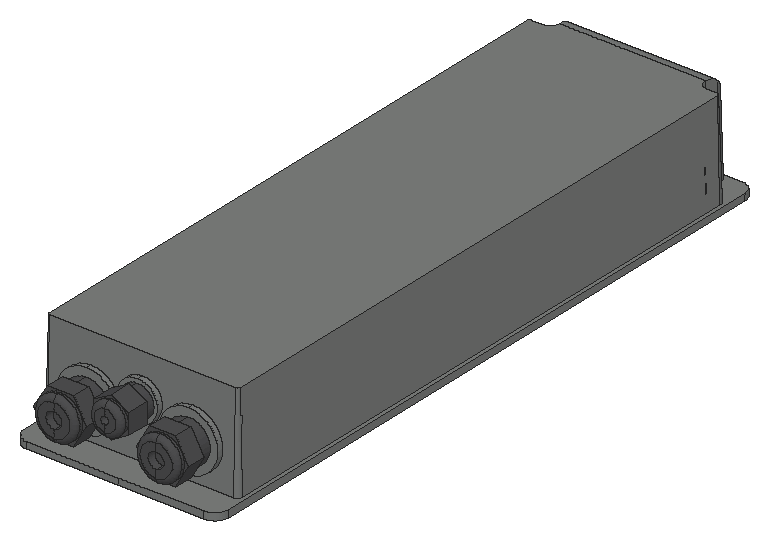
Revit family "Thorn ALTIS GEN5 Gearbox-Performance-class C5 with NTC", category Electrical Fixtures, host Face, Revit 2023
Family settings
  Host = Face
  Round Connector Dimension = Use Diameter
  Part Type = Normal
  Cut with Voids When Loaded = Yes
  Maintain Annotation Orientation = No
  Shared = Yes
  Room Calculation Point = Yes
Parameters (values of type "ALG5 GB LE 1400W 0.85A 550V 2CH DA")
  Wattage = 1400 W
  URL = "https://www.thornlighting.com/96800000"
  Type Image = TLG_ALG5_F_GB_LE_2100W.jpg
  Type IFC Predefined Type = "DIRECTIONSOURCE"
  Power Factor = 1
  Model = "96800000"
  Material Housing = Thorn-Aluminium-RAL 7043-Traffic Grey B
  Manufacturer = "Thorn Lighting"  # constant formula
  Luminaire Width = 152 mm  # constant formula
  Luminaire Length = 500 mm  # constant formula
  Luminaire Height = 77 mm  # constant formula
  Lamp = "LED"  # constant formula
  Export Type to IFC As = "IfcLightFixtureType"
  Description = "LED Control Gear"  # constant formula
  Default Elevation = 0 mm  # constant formula
  Assembly Code = "Pr_60_70_48_54"
  Apparent Load = Wattage / Power Factor  # 1400 VA
Types (8, lengths in mm): name | URL | Model
  ALG5 GB LE 1400W 0.85A 550V 2CH DA | "https://www.thornlighting.com/96800000" | "96800000"
  ALG5 GB LE 1400W 0.85A 550V 2CH RDMX | "https://www.thornlighting.com/96800004" | "96800004"
  ALG5 GB LE 1400W 1.05A 550V 2CH DA | "https://www.thornlighting.com/96800001" | "96800001"
  ALG5 GB LE 1400W 1.05A 550V 2CH RDMX | "https://www.thornlighting.com/96800005" | "96800005"
  ALG5 GB LE 1400W 1.25A 550V 2CH DA | "https://www.thornlighting.com/96637256" | "96637256"
  ALG5 GB LE 1400W 1.25A 550V 2CH DMX | "https://www.thornlighting.com/96637259" | "96637259"
  ALG5 GB LE 1400W 1.4A 550V 2CH DA | "https://www.thornlighting.com/96800003" | "96800003"
  ALG5 GB LE 1400W 1.4A 550V 2CH RDMX | "https://www.thornlighting.com/96800007" | "96800007"
Reference planes
  plane 1 "Center (Front/Back)": y = 0
  plane 2: z = 0
  plane 3 "Center (Left/Right)": x = 0
  plane 4: x = -76
  plane 5: x = 76
  plane 6: y = 250
  plane 7: y = -250
  plane 8: z = 77
  plane 9: x = -38
  plane 10: y = -226.5
Forms (mm)
  Extrusion 1, solid, material "Thorn-Aluminium-RAL 7043-Traffic Grey B" <- "Material Housing"
    sketch origin (0, 0, 0) x (1, 0, 0) y (0, 1, 0)
      loop
        arc (-66, 250) -> (-73.071, 247.071) -> (-76, 240) r 10
        line (-76, 240) -> (-76, -240)
        arc (-76, -240) -> (-73.071, -247.071) -> (-66, -250) r 10
        line (-66, -250) -> (1.871, -250) -> (66, -250)
        arc (66, -250) -> (73.071, -247.071) -> (76, -240) r 10
        line (76, -240) -> (76, 240)
        arc (76, 240) -> (73.071, 247.071) -> (66, 250) r 10
        line (66, 250) -> (-2.525, 250) -> (-66, 250)
    from 0 to 5
  Blend 2, solid, material "Thorn-Aluminium-RAL 7043-Traffic Grey B" <- "Material Housing"
    base sketch origin (0, 0, 0) x (1, 0, 0) y (0, 1, 0)
      loop
        arc (-73, -222.5) -> (-71.828, -225.328) -> (-69, -226.5) r 4
        line (-69, -226.5) -> (69, -226.5)
        arc (69, -226.5) -> (71.828, -225.328) -> (73, -222.5) r 4
        line (73, -222.5) -> (73, 221)
        arc (73, 221) -> (71.828, 223.828) -> (69, 225) r 4
        line (69, 225) -> (61, 225)
        arc (61, 225) -> (58.172, 226.172) -> (57, 229) r 4
        line (57, 229) -> (57, 241)
        arc (57, 241) -> (55.243, 245.243) -> (51, 247) r 6
        line (51, 247) -> (0, 247) -> (-50, 247)
        arc (-50, 247) -> (-54.243, 245.243) -> (-56, 241) r 6
        line (-56, 241) -> (-56, 229)
        arc (-56, 229) -> (-57.172, 226.172) -> (-60, 225) r 4
        line (-60, 225) -> (-69, 225)
        arc (-69, 225) -> (-71.828, 223.828) -> (-73, 221) r 4
        line (-73, 221) -> (-73, -222.5)
    top sketch origin (0, 0, 0) x (1, 0, 0) y (0, 1, 0)
      loop
        line (-71, 221) -> (-71, -222.5)
        arc (-71, -222.5) -> (-70.414, -223.914) -> (-69, -224.5) r 2
        line (-69, -224.5) -> (69, -224.5)
        arc (69, -224.5) -> (70.414, -223.914) -> (71, -222.5) r 2
        line (71, -222.5) -> (71, 221)
        arc (71, 221) -> (70.414, 222.414) -> (69, 223) r 2
        line (69, 223) -> (61, 223)
        arc (61, 223) -> (56.757, 224.757) -> (55, 229) r 6
        line (55, 229) -> (55, 241)
        arc (55, 241) -> (53.828, 243.828) -> (51, 245) r 4
        line (51, 245) -> (0, 245) -> (-50, 245)
        arc (-50, 245) -> (-52.828, 243.828) -> (-54, 241) r 4
        line (-54, 241) -> (-54, 229)
        arc (-54, 229) -> (-55.757, 224.757) -> (-60, 223) r 6
        line (-60, 223) -> (-69, 223)
        arc (-69, 223) -> (-70.414, 222.414) -> (-71, 221) r 2
    from 5 to 77
  Revolve 3, solid, material "Thorn-Plastic-RAL 9005-Jet Black"
    sketch origin (-38, -4546.061, 94.787) x (0, 0, 1) y (0, -1, 0)
      loop
        line (-45.646, -4316.561) -> (-45.646, -4306.609) -> (-61.646, -4306.609) -> (-61.646, -4316.561) -> (-45.646, -4316.561)
      loop
        line (-55.646, -4292.561) -> (-45.646, -4292.561) -> (-45.646, -4290.561)
        arc (-45.646, -4290.561) -> (-46.817, -4287.732) -> (-49.646, -4286.561) r 4
        line (-49.646, -4286.561) -> (-55.646, -4286.561) -> (-55.646, -4292.561)
      axis (-61.646, -4316.561) -> (-61.646, -4286.561)
    angle from 0 to 360
  Extrusion 4, solid, material "Thorn-Aluminium-RAL 7043-Traffic Grey B" <- "Material Housing"
    sketch origin (-173.759, -226.5, 1219.2) x (-1, 0, 0) y (0, 0, 1)
      loop
        circle (-135.759, -1186.059) r 22
    from 5 to -3
  Extrusion 5, solid, material "Thorn-Plastic-RAL 9005-Jet Black"
    sketch origin (-969.698, -250, 1179.325) x (-1, 0, 0) y (0, 0, -1)
      loop
        line (-921.883, 1129.184) -> (-912.068, 1146.184) -> (-921.883, 1163.184) -> (-941.513, 1163.184) -> (-951.328, 1146.184) -> (-941.513, 1129.184) -> (-921.883, 1129.184)
    from 3.5 to -10.548
  Revolve 6, solid, material "Thorn-Plastic-RAL 9005-Jet Black"
    sketch origin (0, -4546.061, 107.912) x (0, 0, 1) y (0, -1, 0)
      loop
        line (-49.646, -4316.561) -> (-49.646, -4308.561) -> (-61.646, -4308.561) -> (-61.646, -4316.561) -> (-49.646, -4316.561)
      loop
        line (-58.646, -4292.561) -> (-49.646, -4292.561) -> (-49.646, -4290.561)
        arc (-49.646, -4290.561) -> (-50.817, -4287.732) -> (-53.646, -4286.561) r 4
        line (-53.646, -4286.561) -> (-58.646, -4286.561) -> (-58.646, -4292.561)
      axis (-61.646, -4316.561) -> (-61.646, -4286.561)
    angle from 0 to 360
  Extrusion 7, solid, material "Thorn-Aluminium-RAL 7043-Traffic Grey B" <- "Material Housing"
    sketch origin (-135.759, -226.5, 1232.325) x (-1, 0, 0) y (0, 0, 1)
      loop
        circle (-135.759, -1186.059) r 15
    from 5 to -3
  Extrusion 8, solid, material "Thorn-Plastic-RAL 9005-Jet Black"
    sketch origin (-931.698, -250, 1192.45) x (-1, 0, 0) y (0, 0, -1)
      loop
        line (-931.698, 1131.184) -> (-918.708, 1138.684) -> (-918.708, 1153.684) -> (-931.698, 1161.184) -> (-944.688, 1153.684) -> (-944.688, 1138.684) -> (-931.698, 1131.184)
    from 3.5 to -12.5
  Revolve 9, solid, material "Thorn-Plastic-RAL 9005-Jet Black"
    sketch origin (38, -4546.061, 94.787) x (0, 0, 1) y (0, 1, 0)
      loop
        line (-45.646, 4316.561) -> (-61.646, 4316.561) -> (-61.646, 4306.609) -> (-45.646, 4306.609) -> (-45.646, 4316.561)
      loop
        line (-55.646, 4292.561) -> (-55.646, 4286.561) -> (-49.646, 4286.561)
        arc (-49.646, 4286.561) -> (-46.817, 4287.732) -> (-45.646, 4290.561) r 4
        line (-45.646, 4290.561) -> (-45.646, 4292.561) -> (-55.646, 4292.561)
      axis (-61.646, 4316.561) -> (-61.646, 4286.561)
    angle from 0 to 360
  Extrusion 10, solid, material "Thorn-Aluminium-RAL 7043-Traffic Grey B" <- "Material Housing"
    sketch origin (173.759, -226.5, 1219.2) x (1, 0, 0) y (0, 0, -1)
      loop
        circle (-135.759, 1186.059) r 22
    from 5 to -3
  Extrusion 11, solid, material "Thorn-Plastic-RAL 9005-Jet Black"
    sketch origin (969.698, -250, 1179.325) x (1, 0, 0) y (0, 0, 1)
      loop
        line (-921.883, -1129.184) -> (-941.513, -1129.184) -> (-951.328, -1146.184) -> (-941.513, -1163.184) -> (-921.883, -1163.184) -> (-912.068, -1146.184) -> (-921.883, -1129.184)
    from 3.5 to -10.548
  Extrusion 12, void
    sketch origin (0, 0, 0) x (0, 1, 0) y (0, 0, 1)
      loop
        line (247, 5) -> (250, 5) -> (250, 87) -> (223, 87) -> (223, 77) -> (230.411, 77)
        arc (230.411, 77) -> (240.869, 72.753) -> (245.405, 62.417) r 15
        line (245.405, 62.417) -> (247, 5)
    from -80 to 80
Cuts and joins
  Extrusion 12 cuts Blend 2
  joined: Blend 2, Extrusion 4, Extrusion 7, Extrusion 10
Dimensions and locks
  equal spacing: plane 4, plane 3 "Center (Left/Right)", plane 5
  "Luminaire Width": plane 4 to plane 5
  equal spacing: plane 7, plane 1 "Center (Front/Back)", plane 6
  "Luminaire Length": plane 7 to plane 6
  "Luminaire Height": plane 8 to level
  plane 3 "Center (Left/Right)" to plane 9 = 38 mm
  aligned and locked: plane 2 to host face
  aligned and locked: level to host face
  aligned and locked: Extrusion 1 sketch curve to plane 6
  aligned and locked: plane 4 to Extrusion 1 sketch curve
  aligned and locked: Extrusion 1 sketch curve to plane 7
  aligned and locked: plane 5 to Extrusion 1 sketch curve
  aligned and locked: plane 8 to Blend 2
Automatic sketch dimensions
  host sketch curve to host sketch curve = 2438.4 mm  (x2)
  Extrusion 1 sketch curve to Extrusion 1 sketch curve = 10 mm  (x3)
  Extrusion 1 sketch curve to plane 3 "Center (Left/Right)" = 2.525 mm
  plane 3 "Center (Left/Right)" to Extrusion 1 sketch curve = 1.871 mm
  plane 5 to Extrusion 1 sketch curve = 10 mm
  Blend 2 sketch curve to plane 10 = 0 mm
  Blend 2 sketch curve to plane 3 "Center (Left/Right)" = 0 mm  (x2)
  Blend 2 sketch curve to plane 9 = 12 mm  (x2)
  Blend 2 sketch curve to Blend 2 sketch curve = 6 mm  (x4)
  Blend 2 sketch curve to Blend 2 sketch curve = 4 mm  (x4)
  plane 4 to Blend 2 sketch curve = 7 mm  (x4)
  plane 4 to Blend 2 sketch curve = 3 mm
  plane 5 to Blend 2 sketch curve = 25 mm  (x2)
  plane 5 to Blend 2 sketch curve = 7 mm  (x4)
  plane 5 to Blend 2 sketch curve = 3 mm
  Blend 2 sketch curve to plane 6 = 29 mm  (x2)
  Blend 2 sketch curve to plane 6 = 9 mm  (x2)
  plane 10 to Blend 2 sketch curve = 2 mm
  Blend 2 sketch curve to Blend 2 sketch curve = 2 mm  (x2)
  Blend 2 sketch curve to Blend 2 sketch curve = 20 mm  (x2)
  Revolve 3 sketch curve to plane 7 = 10.548 mm
  level to Revolve 3 sketch curve = 33.141 mm
  plane 7 to Revolve 3 sketch curve = 9.5 mm
  Revolve 3 sketch curve to Revolve 3 sketch curve = 6 mm  (x2)
  Revolve 3 sketch curve to Revolve 3 sketch curve = 4 mm
  Revolve 3 sketch curve to plane 10 = 3 mm
  Revolve 3 sketch curve to Revolve 3 sketch curve = 16 mm
  Revolve 3 sketch curve to Revolve 3 sketch curve = 2 mm
  Revolve 3 sketch curve to Revolve 3 sketch curve = 0 mm
  plane 10 to Revolve 3 sketch curve = 9 mm
  Revolve 3 sketch curve to Revolve 3 sketch curve = 68 mm
  Extrusion 4 sketch curve to Extrusion 4 sketch curve = 0 mm  (x2)
  Extrusion 4 sketch curve to plane 9 = 0 mm
  level to Extrusion 4 sketch curve = 33.141 mm
  level to Extrusion 4 sketch curve = 11.141 mm
  plane 9 to Extrusion 5 sketch curve = 9.815 mm  (x2)
  Extrusion 5 sketch curve to plane 4 = 18.37 mm
  Extrusion 5 sketch curve to level = 16.141 mm
  Extrusion 5 sketch curve to Extrusion 5 sketch curve = 17 mm  (x3)
  Revolve 6 sketch curve to plane 10 = 11 mm
  Revolve 6 sketch curve to plane 8 = 30.734 mm
  plane 7 to Revolve 6 sketch curve = 9.5 mm
  Revolve 6 sketch curve to Revolve 6 sketch curve = 3 mm
  Revolve 6 sketch curve to Revolve 6 sketch curve = 5 mm
  Revolve 6 sketch curve to Revolve 6 sketch curve = 4 mm
  Revolve 6 sketch curve to plane 10 = 3 mm
  Revolve 6 sketch curve to Revolve 6 sketch curve = 12 mm
  Revolve 6 sketch curve to Revolve 6 sketch curve = 2 mm
  Revolve 6 sketch curve to Revolve 6 sketch curve = 0 mm
  plane 10 to Revolve 6 sketch curve = 9 mm
  Revolve 6 sketch curve to Revolve 6 sketch curve = 68 mm
  Extrusion 7 sketch curve to Extrusion 7 sketch curve = 0 mm  (x2)
  Extrusion 7 sketch curve to plane 3 "Center (Left/Right)" = 0 mm
  Extrusion 7 sketch curve to plane 8 = 30.734 mm
  Extrusion 7 sketch curve to Extrusion 7 sketch curve = 15 mm
  Extrusion 8 sketch curve to plane 3 "Center (Left/Right)" = 0 mm  (x2)
  Extrusion 8 sketch curve to plane 3 "Center (Left/Right)" = 12.99 mm
  plane 3 "Center (Left/Right)" to Extrusion 8 sketch curve = 12.99 mm
  Extrusion 8 sketch curve to level = 31.266 mm
  Extrusion 8 sketch curve to Extrusion 8 sketch curve = 7.5 mm  (x3)
  Extrusion 8 sketch curve to Extrusion 8 sketch curve = 15 mm  (x2)
  Revolve 9 sketch curve to plane 7 = 10.548 mm
  level to Revolve 9 sketch curve = 33.141 mm
  plane 7 to Revolve 9 sketch curve = 9.5 mm
  Revolve 9 sketch curve to Revolve 9 sketch curve = 6 mm  (x2)
  Revolve 9 sketch curve to Revolve 9 sketch curve = 4 mm
  Revolve 9 sketch curve to plane 10 = 3 mm
  Revolve 9 sketch curve to Revolve 9 sketch curve = 16 mm
  Revolve 9 sketch curve to Revolve 9 sketch curve = 2 mm
  Revolve 9 sketch curve to Revolve 9 sketch curve = 0 mm
  Revolve 9 sketch curve to Revolve 9 sketch curve = 68 mm
  plane 10 to Revolve 9 sketch curve = 9 mm
  Extrusion 10 sketch curve to Extrusion 10 sketch curve = 0 mm  (x2)
  plane 3 "Center (Left/Right)" to Extrusion 10 sketch curve = 38 mm
  level to Extrusion 10 sketch curve = 33.141 mm
  Extrusion 10 sketch curve to plane 8 = 21.859 mm
  plane 3 "Center (Left/Right)" to Extrusion 11 sketch curve = 18.37 mm
  Extrusion 11 sketch curve to Extrusion 11 sketch curve = 9.815 mm  (x2)
  Extrusion 11 sketch curve to Extrusion 11 sketch curve = 19.63 mm  (x2)
  plane 5 to Extrusion 11 sketch curve = 18.37 mm
  level to Extrusion 11 sketch curve = 16.141 mm
  Extrusion 11 sketch curve to Extrusion 11 sketch curve = 17 mm  (x3)
  Extrusion 12 sketch curve to plane 8 = 0 mm
  Extrusion 12 sketch curve to plane 6 = 0 mm
  Extrusion 12 sketch curve to plane 6 = 4.595 mm
  Extrusion 12 sketch curve to Extrusion 12 sketch curve = 14.994 mm
  Extrusion 12 sketch curve to Extrusion 12 sketch curve = 7.411 mm
  Extrusion 12 sketch curve to plane 8 = 14.583 mm
  plane 8 to Extrusion 12 sketch curve = 10 mm
  Extrusion 12 sketch curve to Extrusion 12 sketch curve = 3 mm
  level to Extrusion 12 sketch curve = 5 mm
  Extrusion 5 sketch curve to plane 9 = 9.815 mm  (x2)
  plane 3 "Center (Left/Right)" to Extrusion 5 sketch curve = 18.37 mm
Connectors
  electrical at (0, 0, 0), driven by "Apparent Load", driven by "Power Factor"
    settings: index 1, voltage 220 V, apparent load 1400 VA, apparent load phase1 0 VA, apparent load phase2 0 VA, apparent load phase3 0 VA, power factor 1, load classification "Lighting", number of poles 1, system type 30, power factor state 1, is connector primary yes, connector utility no, sub classification motor no, connector description ""
